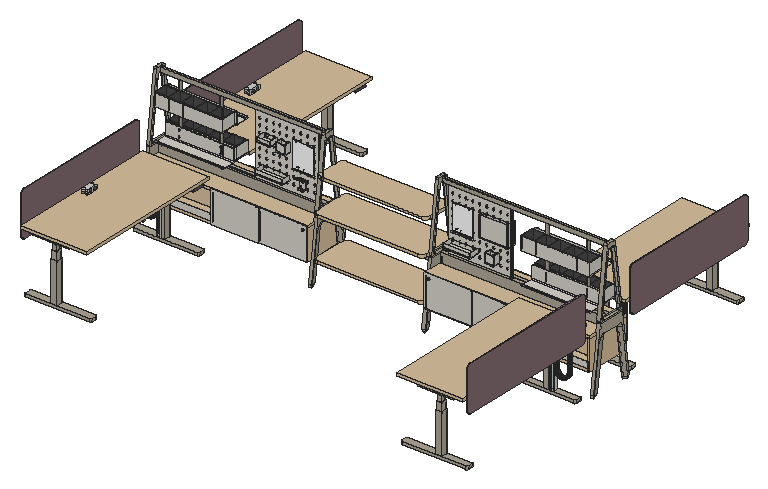
Revit family "Layout-Teknion-Expansion_Cityline_Upper_Structure_01-R2021", category Furniture Systems, Revit 2021 (continued)
Definition of nested family "Storage-Teknion-JZBSO_EZ_Suspended_Credenza_Lateral_File_And_Cubby_Shared-R2021"
  Dimensions and locks (in)
    locked: plane 10 to Sweep 5 sketch curve at 0.70079
    plane 6 "Back" to Sweep 5 sketch curve to Sweep 5 sketch curve = 0.89764" locked, 0.87795" locked
    locked: plane 4 "Left" to Sweep 6 sketch curve at 0.70079
    locked: Sweep 6 sketch curve to plane 9 at 0.70079
    Sweep 6 sketch curve to Sweep 6 sketch curve to plane 1 "Center Front/Back" to Sweep 6 sketch curve to Sweep 6 sketch curve = 0.04724" locked, 9.95276" locked, 9.95276" locked, 0.04724" locked
    Sweep 6 sketch curve to Sweep 6 sketch curve to plane 11 = 3.000" locked, 1.01575" locked  (x2)
    locked: Sweep 7 sketch curve to plane 11 at 1.01575
    locked: Sweep 7 sketch curve to plane 5 "Right" at 0.70079
    locked: plane 4 "Left" to Sweep 7 sketch curve at 0.70079
    locked: plane 6 "Back" to Sweep 7 sketch curve at 0.89764
    locked: plane 7 "Front" to Sweep 7 sketch curve at 0.89764
    Sweep 7 sketch curve to Sweep 7 sketch curve to plane 9 = 6.20079" locked, 2.75787" locked
    plane 4 "Left" to Sweep 7 sketch curve to Sweep 7 sketch curve = 2.75787" locked, 6.20079" locked
    Sweep 7 sketch curve to plane 1 "Center Front/Back" to Sweep 7 sketch curve = 1.26969" locked, 1.26969" locked
    Sweep 8 sketch curve to Sweep 8 sketch curve to Sweep 8 sketch curve to Sweep 8 sketch curve to plane 1 "Center Front/Back" = 0.07874" locked, 0.02953" locked, 0.16618" locked, 1.1035" locked
    Sweep 8 sketch curve to Sweep 8 sketch curve to plane 1 "Center Front/Back" = 0.07874" locked, 1.29921" locked
    Sweep 8 sketch curve to Sweep 8 sketch curve to plane 11 to Sweep 8 sketch curve = 0.03937" locked, 1.01575" locked, 0.03937" locked
    Sweep 9 sketch curve to Sweep 9 sketch curve to Sweep 9 sketch curve to Sweep 9 sketch curve to plane 1 "Center Front/Back" = 0.07874" locked, 0.02953" locked, 0.16618" locked, 1.1035" locked
    Sweep 9 sketch curve to Sweep 9 sketch curve to plane 1 "Center Front/Back" = 0.07874" locked, 1.29921" locked
    Sweep 9 sketch curve to Sweep 9 sketch curve to plane 11 to Sweep 9 sketch curve = 0.03937" locked, 1.01575" locked, 0.03937" locked
    locked: plane 8 "Top" to Sweep 10 sketch curve at 0.05906
    locked: Sweep 10 sketch curve to plane 11 at 0.11811
    locked: plane 10 to Sweep 10 sketch curve at 0.40945  (x2)
    locked: Sweep 10 sketch curve to plane 9 at 0.64173  (x2)
    locked: plane 10 to Sweep 10 sketch curve at 0.29134  (x2)
    plane 7 "Front" to Sweep 10 sketch curve to Sweep 10 sketch curve = 0.05906" locked, 0.70079" locked
    plane 6 "Back" to Sweep 10 sketch curve to Sweep 10 sketch curve = 0.05906" locked, 0.70079" locked
    "Cut-Out - Solid Door": Sweep 11 sketch curve to Sweep 11 sketch curve
    plane 8 "Top" to Sweep 11 sketch curve to Sweep 11 sketch curve = 1.35118" locked, 1.08504" locked
    "Pull Distance - Side (Solid)": Sweep 11 sketch curve to plane 5 "Right"
    locked: Sweep 11 sketch curve to Sweep 11 sketch curve at 5.2126
    locked: Sweep 12 sketch curve to plane 6 "Back" at 0.875
    "Cut-Out - Solid Door": Sweep 12 sketch curve to Sweep 12 sketch curve
    locked: Sweep 12 sketch curve to Sweep 12 sketch curve at 5.2126
    Sweep 12 sketch curve to Sweep 12 sketch curve to plane 8 "Top" = 1.08504" locked, 1.35118" locked
    plane 7 "Front" to Sweep 13 sketch curve to Sweep 13 sketch curve = 0.01972" locked, 0.74012" locked
    locked: Sweep 13 sketch curve to Sweep 13 sketch curve at 5.2126
    "Pull Distance - Side (Solid)": Sweep 13 sketch curve to plane 5 "Right"
    plane 8 "Top" to Sweep 13 sketch curve to Sweep 13 sketch curve = 1.35118" locked, 1.08504" locked
    plane 7 "Front" to Sweep 14 sketch curve to Sweep 14 sketch curve = 0.01972" locked, 0.66142" locked
    locked: Sweep 14 sketch curve to Sweep 14 sketch curve at 5.2126
    "Pull Distance - Side (Solid)": Sweep 14 sketch curve to plane 5 "Right"
    plane 8 "Top" to Sweep 14 sketch curve to Sweep 14 sketch curve = 1.44764" locked, 0.89213" locked
    Sweep 15 sketch curve to Sweep 15 sketch curve to plane 6 "Back" = 0.74012" locked, 0.01972" locked
    locked: Sweep 15 sketch curve to Sweep 15 sketch curve at 5.2126
    Sweep 15 sketch curve to Sweep 15 sketch curve to plane 8 "Top" = 1.08504" locked, 1.35118" locked
    plane 6 "Back" to Sweep 16 sketch curve to Sweep 16 sketch curve = 0.01972" locked, 0.66142" locked
    locked: Sweep 16 sketch curve to Sweep 16 sketch curve at 5.2126
    Sweep 16 sketch curve to Sweep 16 sketch curve to plane 8 "Top" = 0.89213" locked, 1.44764" locked
    plane 7 "Front" to Sweep 17 sketch curve to Sweep 17 sketch curve = 0.64173" locked, 0.11811" locked
    locked: Sweep 17 sketch curve to plane 10 at 0.40945
    locked: Sweep 17 sketch curve to plane 11 at 0.11811
    locked: plane 8 "Top" to Sweep 17 sketch curve at 0.05906
    locked: plane 9 to Sweep 17 sketch curve at 0.64173
    locked: Sweep 17 sketch curve to plane 10 at 0.29134
    locked: Sweep 18 sketch curve to plane 7 "Front" at 0.57667
    "Cut-Out - Metal Door": Sweep 18 sketch curve to Sweep 18 sketch curve
    locked: Sweep 18 sketch curve to Sweep 18 sketch curve at 5.19685
    plane 8 "Top" to Sweep 18 sketch curve to Sweep 18 sketch curve = 1.40157" locked, 0.98425" locked
    "Pull Distance - Side (Metal)": Sweep 18 sketch curve to plane 5 "Right"
    plane 6 "Back" to Sweep 19 sketch curve to Sweep 19 sketch curve = 0.64173" locked, 0.11811" locked
    locked: Sweep 19 sketch curve to plane 8 "Top" at 0.05906
    locked: plane 11 to Sweep 19 sketch curve at 0.11811
    locked: plane 9 to Sweep 19 sketch curve at 0.64173
    locked: Sweep 19 sketch curve to plane 10 at 0.29134
    locked: Sweep 19 sketch curve to plane 10 at 0.40945
    "Cut-Out - Metal Door": Sweep 20 sketch curve to Sweep 20 sketch curve
    locked: Sweep 20 sketch curve to Sweep 20 sketch curve at 5.19685
    Sweep 20 sketch curve to Sweep 20 sketch curve to plane 8 "Top" = 0.98425" locked, 1.40157" locked
    plane 7 "Front" to Sweep 21 sketch curve to Sweep 21 sketch curve = 0.75984" locked, 0.74016" locked
    locked: Sweep 21 sketch curve to Sweep 21 sketch curve at 5.19685
    "Pull Distance - Side (Metal)": Sweep 21 sketch curve to plane 5 "Right"
    plane 8 "Top" to Sweep 21 sketch curve to Sweep 21 sketch curve = 1.30512" locked, 1.17717" locked
    plane 7 "Front" to Sweep 22 sketch curve to Sweep 22 sketch curve = 0.64173" locked, 0.77953" locked
    plane 8 "Top" to Sweep 22 sketch curve to Sweep 22 sketch curve = 1.40157" locked, 0.98425" locked
    locked: Sweep 22 sketch curve to Sweep 22 sketch curve at 5.19685
    "Pull Distance - Side (Metal)": Sweep 22 sketch curve to plane 5 "Right"
    Sweep 23 sketch curve to Sweep 23 sketch curve to plane 6 "Back" = 0.74016" locked, 0.75984" locked
    locked: Sweep 23 sketch curve to Sweep 23 sketch curve at 5.19685
    Sweep 23 sketch curve to Sweep 23 sketch curve to plane 8 "Top" = 1.17717" locked, 1.30512" locked
    Sweep 24 sketch curve to Sweep 24 sketch curve to plane 6 "Back" = 0.77953" locked, 0.64173" locked
    locked: Sweep 24 sketch curve to Sweep 24 sketch curve at 5.19685
    Sweep 24 sketch curve to Sweep 24 sketch curve to plane 8 "Top" = 0.98425" locked, 1.40157" locked
    Sweep 25 sketch curve to Sweep 25 sketch curve to plane 6 "Back" = 0.05906" locked, 0.58268" locked
    Sweep 25 sketch curve to Sweep 25 sketch curve to plane 9 = 0.09843" locked, 1.15945" locked
    plane 8 "Top" to Sweep 25 sketch curve to Sweep 25 sketch curve = 1.91929", 0.37402"
    locked: Sweep 25 sketch curve to plane 9 at 1.20866
    locked: Sweep 25 sketch curve to plane 8 "Top" at 2.1063
    plane 7 "Front" to Sweep 26 sketch curve to Sweep 26 sketch curve = 0.58268" locked, 0.05906" locked
    Sweep 26 sketch curve to Sweep 26 sketch curve to plane 5 "Right" = 0.09843" locked, 1.80119" locked
    plane 8 "Top" to Sweep 26 sketch curve to Sweep 26 sketch curve = 1.91929" locked, 0.37402" locked
    locked: plane 8 "Top" to Sweep 26 sketch curve at 2.1063
    locked: Sweep 26 sketch curve to plane 5 "Right" at 1.8504
    locked: Sweep 20 sketch curve to plane 6 "Back" at 0.43874
    locked: plane 7 "Front" to Sweep 27 sketch curve at 0.05906
    Sweep 27 sketch curve to Sweep 27 sketch curve to plane 5 "Right" = 0.09843" locked, 1.80119" locked
    plane 8 "Top" to Sweep 27 sketch curve to Sweep 27 sketch curve = 1.91929" locked, 0.37402" locked
    locked: plane 8 "Top" to Sweep 27 sketch curve at 2.1063
    locked: Sweep 27 sketch curve to plane 5 "Right" at 1.8504
    locked: plane 6 "Back" to Sweep 28 sketch curve at 0.05906
    Sweep 28 sketch curve to Sweep 28 sketch curve to plane 9 = 0.09843" locked, 1.15945" locked
    plane 8 "Top" to Sweep 28 sketch curve to Sweep 28 sketch curve = 1.91929" locked, 0.37402" locked
    locked: Sweep 28 sketch curve to plane 8 "Top" at 2.1063
    locked: Sweep 28 sketch curve to plane 9 at 1.20866
    locked: Sweep 11 sketch curve to plane 7 "Front" at 1.01698
    "Pull Distance - Middle (Solid)": Sweep 16 sketch curve to plane 9
    "Pull Distance - Middle (Metal)": Sweep 23 sketch curve to plane 9
    "Pull Distance - Middle (Metal)": Sweep 20 sketch curve to plane 9
    "Pull Distance - Middle (Solid)": Sweep 15 sketch curve to plane 9
    "Pull Distance - Middle (Solid)": Sweep 12 sketch curve to plane 9
    "Pull Distance - Middle (Metal)": Sweep 24 sketch curve to plane 9
    aligned and locked: level to plane 2
    aligned and locked: plane 11 to Sweep 1 sketch curve
    aligned and locked: Sweep 1 sketch curve to plane 3 "Center Left/Right"
    aligned and locked: plane 4 "Left" to Sweep 1 sketch curve
    aligned and locked: Sweep 1 sketch curve to plane 5 "Right"
    aligned and locked: Sweep 1 sketch curve to Sweep 1 sketch curve  (x2)
    aligned and locked: plane 4 "Left" to Sweep 2 sketch curve
    aligned and locked: plane 5 "Right" to Sweep 2 sketch curve
    aligned and locked: plane 1 "Center Front/Back" to Sweep 2 sketch curve
    aligned and locked: Sweep 2 sketch curve to Sweep 2 sketch curve
    aligned and locked: Sweep 2 sketch curve to plane 8 "Top"  (x2)
    aligned and locked: Sweep 3 sketch curve to plane 3 "Center Left/Right"
    aligned and locked: Sweep 3 sketch curve to plane 9
    aligned and locked: plane 10 to Sweep 3 sketch curve
    aligned and locked: Sweep 3 sketch curve to Sweep 3 sketch curve  (x2)
    aligned and locked: Sweep 4 sketch curve to plane 3 "Center Left/Right"
    aligned and locked: Sweep 4 sketch curve to Sweep 4 sketch curve  (x2)
    aligned and locked: Sweep 5 sketch curve to plane 3 "Center Left/Right"
    aligned and locked: Sweep 5 sketch curve to plane 10
    aligned and locked: plane 9 to Sweep 5 sketch curve
    aligned and locked: plane 1 "Center Front/Back" to Sweep 6 sketch curve
    aligned and locked: plane 11 to Sweep 7 sketch curve
    aligned and locked: Sweep 7 sketch curve to plane 3 "Center Left/Right"
    aligned and locked: Sweep 7 sketch curve to Sweep 7 sketch curve  (x2)
    aligned and locked: Sweep 8 sketch curve to Sweep 7  (x4)
    aligned and locked: plane 11 to Sweep 8 sketch curve
    aligned and locked: Sweep 9 sketch curve to Sweep 7  (x4)
    aligned and locked: plane 11 to Sweep 9 sketch curve
    aligned and locked: plane 3 "Center Left/Right" to Sweep 10 sketch curve
    aligned and locked: Sweep 10 sketch curve to Sweep 10 sketch curve  (x4)
    aligned and locked: plane 5 "Right" to Sweep 10 sketch curve  (x2)
    aligned and locked: Sweep 11 sketch curve to plane 3 "Center Left/Right"
    aligned and locked: Sweep 12 sketch curve to plane 3 "Center Left/Right"
    aligned and locked: plane 3 "Center Left/Right" to Sweep 13 sketch curve
    aligned and locked: plane 3 "Center Left/Right" to Sweep 14 sketch curve
    aligned and locked: Sweep 15 sketch curve to plane 3 "Center Left/Right"
    aligned and locked: plane 3 "Center Left/Right" to Sweep 16 sketch curve
    aligned and locked: Sweep 17 sketch curve to plane 3 "Center Left/Right"
    aligned and locked: Sweep 17 sketch curve to plane 5 "Right"
    aligned and locked: Sweep 17 sketch curve to Sweep 17 sketch curve  (x2)
    aligned and locked: Sweep 18 sketch curve to plane 3 "Center Left/Right"
    aligned and locked: Sweep 19 sketch curve to plane 3 "Center Left/Right"
    aligned and locked: Sweep 19 sketch curve to plane 5 "Right"
    aligned and locked: Sweep 19 sketch curve to Sweep 19 sketch curve  (x2)
    aligned and locked: Sweep 20 sketch curve to plane 3 "Center Left/Right"
    aligned and locked: Sweep 21 sketch curve to plane 3 "Center Left/Right"
    aligned and locked: Sweep 22 sketch curve to plane 3 "Center Left/Right"
    aligned and locked: Sweep 23 sketch curve to plane 3 "Center Left/Right"
    aligned and locked: Sweep 24 sketch curve to plane 3 "Center Left/Right"
    aligned and locked: Sweep 25 sketch curve to plane 3 "Center Left/Right"
    aligned and locked: plane 3 "Center Left/Right" to Sweep 26 sketch curve
    aligned and locked: Sweep 27 sketch curve to plane 3 "Center Left/Right"
    aligned and locked: plane 7 "Front" to Sweep 27 sketch curve
    aligned and locked: Sweep 28 sketch curve to plane 3 "Center Left/Right"
    aligned and locked: plane 6 "Back" to Sweep 28 sketch curve
    aligned and locked: Masking region 1 sketch curve to Sweep 2  (x3)
    aligned and locked: Masking region 1 sketch curve to Sweep 1
    aligned and locked: Masking region 1 sketch curve to Sweep 8  (x4)
    aligned and locked: Masking region 1 sketch curve to Sweep 9  (x4)
    aligned and locked: curve 1 to Sweep 2
    aligned and locked: curve 2 to Sweep 2
    aligned and locked: curve 4 to Sweep 8
    aligned and locked: curve 6 to Sweep 8
    aligned and locked: curve 8 to Sweep 8
    aligned and locked: curve 10 to Sweep 8
    aligned and locked: curve 12 to Sweep 9
    aligned and locked: curve 14 to Sweep 9
    aligned and locked: curve 16 to Sweep 9
    aligned and locked: curve 18 to Sweep 9
    aligned and locked: curve 19 to Sweep 1
    aligned and locked: Sweep 3 to curve 20
    aligned and locked: curve 21 to Sweep 3
    aligned and locked: curve 23 to Sweep 3
    aligned and locked: Sweep 3 to curve 24
    aligned and locked: Sweep 1 to curve 22
    aligned and locked: curve 25 to Sweep 4
    aligned and locked: curve 26 to Sweep 1
    aligned and locked: Sweep 1 to curve 27
    aligned and locked: Sweep 2 to curve 31
    aligned and locked: Sweep 3 to curve 30
    aligned and locked: curve 31 to Sweep 3
    aligned and locked: Sweep 2 to curve 29
    aligned and locked: Sweep 3 to curve 28
    aligned and locked: curve 29 to Sweep 3
    aligned and locked: curve 32 to Sweep 4
    aligned and locked: curve 34 to Sweep 6
    aligned and locked: curve 33 to Sweep 6
    aligned and locked: curve 35 to Sweep 5
    aligned and locked: curve 36 to Sweep 5
    aligned and locked: curve 38 to Sweep 3
    aligned and locked: curve 40 to Sweep 3
    aligned and locked: curve 39 to Sweep 3
    aligned and locked: Sweep 3 to curve 37
    aligned and locked: curve 41 to Sweep 1
    aligned and locked: Sweep 1 to curve 42
    aligned and locked: curve 44 to Sweep 7
    aligned and locked: curve 46 to Sweep 7
    aligned and locked: curve 48 to Sweep 7
    aligned and locked: curve 50 to Sweep 7
    aligned and locked: curve 52 to Sweep 7
    aligned and locked: curve 54 to Sweep 7
    aligned and locked: curve 56 to Sweep 7
    aligned and locked: curve 58 to Sweep 7
    aligned and locked: Masking region 2 sketch curve to cut or joined group of Sweep 17, Sweep 18  (x6)
    aligned and locked: cut or joined group of Sweep 17, Sweep 18 to Masking region 2 sketch curve  (x3)
    aligned and locked: Masking region 2 sketch curve to Sweep 26  (x3)
    aligned and locked: Masking region 2 sketch curve to cut or joined group of Sweep 19, Sweep 20  (x6)
    aligned and locked: cut or joined group of Sweep 19, Sweep 20 to Masking region 2 sketch curve  (x3)
    aligned and locked: Masking region 2 sketch curve to Sweep 25  (x3)
    aligned and locked: cut or joined group of Sweep 19, Sweep 20 to curve 59
    aligned and locked: curve 60 to cut or joined group of Sweep 17, Sweep 18
    aligned and locked: curve 61 to Sweep 26
    aligned and locked: curve 62 to Sweep 26
    aligned and locked: curve 63 to Sweep 25
    aligned and locked: curve 64 to Sweep 25
    aligned and locked: Masking region 3 sketch curve to cut or joined group of Sweep 17, Sweep 18
    aligned and locked: Sweep 2 to Masking region 3 sketch curve  (x2)
    aligned and locked: cut or joined group of Sweep 21, Sweep 22 to Masking region 3 sketch curve
    aligned and locked: Masking region 3 sketch curve to cut or joined group of Sweep 21, Sweep 22
    aligned and locked: cut or joined group of Sweep 19, Sweep 20 to Masking region 3 sketch curve
    aligned and locked: cut or joined group of Sweep 23, Sweep 24 to Masking region 3 sketch curve
    aligned and locked: Masking region 3 sketch curve to cut or joined group of Sweep 23, Sweep 24
    aligned and locked: cut or joined group of Sweep 23, Sweep 24 to curve 67
    aligned and locked: curve 65 to cut or joined group of Sweep 23, Sweep 24
    aligned and locked: curve 66 to cut or joined group of Sweep 23, Sweep 24
    aligned and locked: curve 72 to cut or joined group of Sweep 23, Sweep 24
    aligned and locked: curve 70 to cut or joined group of Sweep 23, Sweep 24
    aligned and locked: curve 71 to cut or joined group of Sweep 23, Sweep 24
    aligned and locked: curve 75 to cut or joined group of Sweep 21, Sweep 22
    aligned and locked: curve 73 to cut or joined group of Sweep 21, Sweep 22
    aligned and locked: curve 74 to cut or joined group of Sweep 21, Sweep 22
    aligned and locked: cut or joined group of Sweep 21, Sweep 22 to curve 80
    aligned and locked: curve 79 to cut or joined group of Sweep 21, Sweep 22
    aligned and locked: Masking region 4 sketch curve to cut or joined group of Sweep 10, Sweep 11, Sweep 12  (x18)
    aligned and locked: Masking region 4 sketch curve to Sweep 27  (x3)
    aligned and locked: Masking region 4 sketch curve to Sweep 28  (x3)
    aligned and locked: curve 81 to Sweep 28
    aligned and locked: curve 82 to Sweep 28
    aligned and locked: curve 83 to Sweep 27
    aligned and locked: curve 84 to Sweep 27
    aligned and locked: curve 85 to cut or joined group of Sweep 10, Sweep 11, Sweep 12
    aligned and locked: curve 86 to cut or joined group of Sweep 10, Sweep 11, Sweep 12
    aligned and locked: cut or joined group of Sweep 10, Sweep 11, Sweep 12 to Masking region 5 sketch curve  (x2)
    aligned and locked: Masking region 5 sketch curve to cut or joined group of Sweep 13, Sweep 14  (x3)
    aligned and locked: Masking region 5 sketch curve to cut or joined group of Sweep 15, Sweep 16  (x3)
    aligned and locked: curve 88 to cut or joined group of Sweep 15, Sweep 16
    aligned and locked: curve 87 to cut or joined group of Sweep 15, Sweep 16
    aligned and locked: curve 89 to cut or joined group of Sweep 15, Sweep 16
    aligned and locked: cut or joined group of Sweep 15, Sweep 16 to curve 91
    aligned and locked: curve 90 to cut or joined group of Sweep 15, Sweep 16
    aligned and locked: cut or joined group of Sweep 13, Sweep 14 to curve 94
    aligned and locked: curve 92 to cut or joined group of Sweep 13, Sweep 14
    aligned and locked: curve 93 to cut or joined group of Sweep 13, Sweep 14
    aligned and locked: curve 96 to cut or joined group of Sweep 13, Sweep 14
    aligned and locked: curve 95 to cut or joined group of Sweep 13, Sweep 14
    aligned and locked: curve 97 to plane 6 "Back"
    aligned and locked: curve 98 to plane 7 "Front"
    aligned and locked: curve 99 to plane 4 "Left"
    aligned and locked: curve 100 to plane 5 "Right"
    aligned and locked: plane 1 "Center Front/Back" to nested 2
    aligned and locked: nested 1 to plane 1 "Center Front/Back"
    aligned and locked: plane 4 "Left" to nested 1
    aligned and locked: nested 2 to plane 5 "Right"
  Automatic sketch dimensions
    Sweep 7 sketch curve to Sweep 7 sketch curve = 0.3937"  (x6)
    plane 1 "Center Front/Back" to Sweep 7 sketch curve = 0.87598"
    Sweep 7 sketch curve to Sweep 7 sketch curve = 0.000"
    Sweep 11 sketch curve to Sweep 11 sketch curve = 0.000"  (x4)
    Sweep 12 sketch curve to Sweep 12 sketch curve = 0.000"  (x4)
    Sweep 13 sketch curve to Sweep 13 sketch curve = 0.000"  (x5)
    Sweep 14 sketch curve to Sweep 14 sketch curve = 0.000"  (x4)
    Sweep 15 sketch curve to Sweep 15 sketch curve = 0.000"  (x4)
    Sweep 16 sketch curve to Sweep 16 sketch curve = 0.000"  (x4)
    Sweep 17 sketch curve to Sweep 17 sketch curve = 0.250"  (x5)
    Sweep 17 sketch curve to Sweep 17 sketch curve = 0.000"  (x3)
    Sweep 19 sketch curve to Sweep 19 sketch curve = 0.250"  (x5)
    Sweep 19 sketch curve to Sweep 19 sketch curve = 0.000"  (x3)
    Sweep 20 sketch curve to Sweep 20 sketch curve = 0.000"  (x4)
    Sweep 18 sketch curve to Sweep 18 sketch curve = 0.000"  (x4)
    Sweep 21 sketch curve to Sweep 21 sketch curve = 0.000"  (x4)
    Sweep 22 sketch curve to Sweep 22 sketch curve = 0.000"  (x4)
    Sweep 23 sketch curve to Sweep 23 sketch curve = 0.000"  (x4)
    Sweep 24 sketch curve to Sweep 24 sketch curve = 0.000"  (x4)
    Sweep 25 sketch curve to Sweep 25 sketch curve = 0.34449"
    Sweep 25 sketch curve to Sweep 25 sketch curve = 0.18701"  (x2)
    Sweep 26 sketch curve to Sweep 26 sketch curve = 0.34449"
    Sweep 26 sketch curve to Sweep 26 sketch curve = 0.18701"  (x2)
    Sweep 27 sketch curve to Sweep 27 sketch curve = 0.34449"
    Sweep 27 sketch curve to Sweep 27 sketch curve = 0.18701"  (x2)
    Sweep 28 sketch curve to Sweep 28 sketch curve = 0.34449"
    Sweep 28 sketch curve to Sweep 28 sketch curve = 0.18701"  (x2)
    Masking region 4 sketch curve to plane 9 = 0.64173"
    curve 2 to plane 4 "Left" = 0.000"
    curve 1 to plane 4 "Left" = 0.000"
    curve 1 to plane 5 "Right" = 0.000"
    curve 85 to plane 5 "Right" = 0.000"
    curve 2 to plane 5 "Right" = 0.000"
    plane 7 "Front" to curve 83 = 0.000"
    plane 7 "Front" to curve 84 = 0.000"
    curve 81 to plane 6 "Back" = 0.000"
    curve 82 to plane 6 "Back" = 0.000"
    curve 76 to curve 92 = 0.03831"
    curve 93 to curve 80 = 0.0787"
    curve 92 to curve 76 = 0.0787"
    curve 67 to curve 90 = 0.0787"
    curve 68 to curve 89 = 0.0787"
    curve 86 to plane 9 = 0.64173"
    curve 59 to plane 9 = 0.39173"
    plane 10 to curve 59 = 0.04134"
    plane 10 to curve 86 = 0.29134"
    plane 10 to curve 85 = 0.40945"
    curve 60 to curve 38 = 0.04134"
    plane 5 "Right" to curve 60 = 0.250"
    curve 94 to plane 7 "Front" = 0.01972"
    curve 92 to plane 7 "Front" = 0.01972"
    curve 62 to curve 62 = 0.05906"
    curve 61 to curve 61 = 0.05906"
    curve 95 to curve 76 = 0.000"
    curve 77 to curve 96 = 0.000"
    curve 60 to curve 38 = 0.25591"
    curve 37 to curve 38 = 0.000"
    curve 76 to curve 73 = 0.1378"
    curve 77 to curve 75 = 0.1378"
    curve 60 to curve 42 = 0.25591"
    curve 70 to curve 65 = 0.1378"
    curve 36 to curve 41 = 0.87795"
    curve 40 to curve 59 = 0.25591"
    curve 39 to curve 59 = 0.25591"
    curve 72 to curve 67 = 0.1378"
    curve 67 to curve 88 = 0.000"
    curve 87 to curve 65 = 0.000"
    curve 63 to curve 63 = 0.05906"
    curve 64 to curve 64 = 0.05906"
    curve 91 to plane 6 "Back" = 0.01972"
    curve 89 to plane 6 "Back" = 0.01972"
  Nested families (in)
    nested 1: "Teknion_2D_Node_Family-R2016" at (-84, 0, 0), type "Teknion_2D_Node_Family-R2016"
    nested 2: "Teknion_2D_Node_Family-R2016" at (0, 0, 0), type "Teknion_2D_Node_Family-R2016"
  Definition of nested family "Teknion_2D_Node_Family-R2016"
    Reference planes (in)
      plane 1 "Center (Front/Back)": y = 0
      plane 2: z = 0
      plane 3 "Center (Left/Right)": x = 0
    Lines and regions (in)
      detail lines, in view "Ref. Level"
        curve 1: circle (0, 0, 0) r 1.25 normal (0, 0, 1)
        curve 2: line (1.91508, -1.91508, 0) -> (-1.91508, 1.91508, 0)
        curve 3: line (-1.91508, -1.91508, 0) -> (1.91508, 1.91508, 0)
Definition of nested family "Accessories-Teknion-JZTMA_Lift_And_Drop_Tile_Metal_Accessory-R2021"
  Parameters (values of type "Low Height (18" Beam Height), 56 (35") Datum Height")
    Width [instance] = 34.000"
    Warranty = "http://www.teknion.com/ca/papers/legal-canada"
    Unit Weight URL = "http://www.teknion.com/ca/tools/assets#&asset=bee6a381-b954-425e-8283-5a2de3a804f2,f828d448-4b62-4231-9e5f-9a8991c0ed77"
    URL = "www.teknion.com"
    To render please download texture images found here [instance] = "https://assets.teknion.com/web/5e81352c1dfdb467/revit-material-swatches/"
    Sustainability Data = "https://www.teknion.com/ca/tools/assets#&topic=216f99a5-57a0-44fc-b10a-9dee9b29ae4c&asset=444deb64-fe58-4b68-981e-f75e97781df7,b4ff2d81-9f2e-437d-9659-7cffb09c31cf"
    Square [instance] = no
    Series = "Expansion Cityline"  # constant formula
    Product Page URL = "https://www.teknion.com/ca/products/product-details?productLineId=9ad2a26e-8e7a-673b-a6c8-ff05004460c4"
    Product Line = "EZ Lift & Drop Tiles And Shelves"  # constant formula
    Product Documentation Link = "https://www.teknion.com/pricing/expansion-cityline/pdfs/JZTMA_ppg.pdf"
    Plus [instance] = not(Square)  # yes
    Pattern Option [instance] = "Select Pattern option. Square option is default."  # constant formula
    Part Number = "JZTMA"  # constant formula
    Outer Metal Finish [instance] = none
    Model = "JZTMAL56___"
    Manufacturer Phone = "416-661-3370"  # constant formula
    Manufacturer Fax = "416.661.4586"  # constant formula
    Manufacturer Contact Information = "http://www.teknion.com/ca/contactus"
    Manufacturer Address = "1150 Flint Road, Toronto, ON. M3J 2J5. Canada"  # constant formula
    Manufacturer = "Teknion"  # constant formula
    Inset Metal Finish [instance] = none
    How To Use Teknion Materials User Guide [instance] = "https://assets.teknion.com/m/205dd0a49fa58060/original/How-to-add-a-Material-Library-and-Texture-Images-to-your-Revit-project.pdf"
    For Additional Finishes please visit [instance] = "https://assets.teknion.com/m/44a8009b046e5d47/original/Teknion_Materials_Library.zip"
    Description = "Lift And Drop Tile - Metal Accessory - Low Height (18\" Beam Height), 56 (35\") Datum Height"
    Default Elevation = 0.000"
    Datum Height = 35.000"
    Cut-Out - Square (57) [instance] = if(Square, 2.000", 0.100")  # 0.100"
    Cut-Out - Square (56 & 66) [instance] = if((and(Square, Datum Height > 34.000")), 2.000", 0.100")  # 0.100"
    Cut-Out - Plus (56 & 66) [instance] = if((and(Plus, Datum Height > 34.000")), 2.500", 0.100")  # 2.500"
    Cut-Out - Plus (57) [instance] = if(Plus, 2.500", 0.100")  # 2.500"
    Beam Height = 17.60612"
    Availabe Width [instance] = "28, 34 & 40 Inch"  # constant formula
    Assembly Code = "E2020200"
    Actual Datum Height = Datum Height + 1.319"  # 36.319"
    2D - Square - Width 40" [instance] = and(Square, Width = 40.000")  # no
    2D - Square - Width 34" [instance] = and(Square, (or(Width = 34.000", Width = 40.000")))  # no
    2D - Plus - Width 40" [instance] = and(Plus, Width = 40.000")  # no
    2D - Plus - Width 34" [instance] = and(Plus, (or(Width = 34.000", Width = 40.000")))  # yes
  Types (4): name | Width | Square | Plus | Model | Description | Datum Height | Cut-Out - Square (57) | Cut-Out - Square (56 & 66) | Cut-Out - Plus (56 & 66) | Cut-Out - Plus (57) | Beam Height | Actual Datum Height | 2D - Square - Width 40" | 2D - Square - Width 34" | 2D - Plus - Width 34"
    (no name) | 34.000" | no | yes | "JZTMAL56___" | "Lift And Drop Tile - Metal Accessory - Low Height (18\" Beam Height), 56 (35\") Datum Height" | 35.000" | 0.100" | 0.100" | 2.500" | 2.500" | 17.60612" | 36.319" | no | no | yes
    Low Height (18" Beam Height), 56 (35") Datum Height | 34.000" | no | yes | "JZTMAL56___" | "Lift And Drop Tile - Metal Accessory - Low Height (18\" Beam Height), 56 (35\") Datum Height" | 35.000" | 0.100" | 0.100" | 2.500" | 2.500" | 17.60612" | 36.319" | no | no | yes
    Standard Height (28" Beam Height), 57 (26") Datum Height | 28.000" | yes | no | "JZTMAC57___" | "Lift And Drop Tile - Metal Accessory - Standard Height (28\" Beam Height), 57 (26\") Datum Height" | 26.000" | 2.000" | 0.100" | 0.100" | 0.100" | 27.791" | 27.319" | no | no | no
    Standard Height (28" Beam Height), 66 (35") Datum Height | 40.000" | yes | no | "JZTMAC66___" | "Lift And Drop Tile - Metal Accessory - Standard Height (28\" Beam Height), 66 (35\") Datum Height" | 35.000" | 2.000" | 2.000" | 0.100" | 0.100" | 27.791" | 36.319" | yes | yes | no
  Reference planes (in)
    plane 1 "Center Front/Back": y = 0
    plane 2: z = 0
    plane 3 "Center Left/Right": x = 21
    plane 4 "Left": x = 4
    plane 5 "Right": x = 38
    plane 6 "Back": y = 0.22638
    plane 7 "Front": y = -0.22638
    plane 8 "Top": z = 53.92512
    plane 9: z = 17.60612
    plane 10: x = 39.58071
    plane 11: x = 38.41929
    plane 12: x = 36.58071
    plane 13: x = 35.41929
    plane 14: x = 33.58071
    plane 15: x = 32.41929
    plane 16: x = 30.58071
    plane 17: x = 29.41929
    plane 18: x = 27.58071
    plane 19: x = 26.41929
    plane 20: x = 24.58071
    plane 21: x = 23.41929
    plane 22: x = 21.58071
    plane 23: x = 20.41929
    plane 24: x = 18.58071
    plane 25: x = 17.41929
    plane 26: x = 15.58071
    plane 27: x = 14.41929
    plane 28: x = 12.58071
    plane 29: x = 11.41929
    plane 30: x = 9.58071
    plane 31: x = 8.41929
    plane 32: x = 6.58071
    plane 33: x = 5.41929
    plane 34: x = 3.58071
    plane 35: x = 2.41929
  Forms (in)
    Sweep 1, solid, material <- "Outer Metal Finish"
      path origin (0, 0, 0) x (1, 0, 0) y (0, 0, 1)
        loop
          line (21, 17.60612) -> (21, 53.92512)
      profile origin (21, 0, 35.76562) x (-1, 0, 0) y (0, -1, 0)
        loop
          arc (16.8622, -0.22638) -> (16.95964, -0.18602) -> (17, -0.08858) r 0.1378
          arc (17, -0.08858) -> (16.97405, -0.02595) -> (16.91142, 0) r 0.08858
          arc (16.91142, 0) -> (16.97405, 0.02595) -> (17, 0.08858) r 0.08858
          arc (17, 0.08858) -> (16.95964, 0.18602) -> (16.8622, 0.22638) r 0.1378
          line (16.8622, 0.22638) -> (-16.8622, 0.22638)
          arc (-16.8622, 0.22638) -> (-16.95964, 0.18602) -> (-17, 0.08858) r 0.1378
          arc (-17, 0.08858) -> (-16.97405, 0.02595) -> (-16.91142, 0) r 0.08858
          arc (-16.91142, 0) -> (-16.97405, -0.02595) -> (-17, -0.08858) r 0.08858
          arc (-17, -0.08858) -> (-16.95964, -0.18602) -> (-16.8622, -0.22638) r 0.1378
          line (-16.8622, -0.22638) -> (16.8622, -0.22638)
    Sweep 2, void
      path origin (0, 0, 0) x (1, 0, 0) y (0, 1, 0)
        loop
          line (21, -1.12638) -> (21, -1.22638)
      profile origin (21, -1.17638, 0) x (1, 0, 0) y (0, 0, 1)
        loop
          line (-18.375, 20.58559) -> (-17.625, 20.58559) -> (-17.625, 21.33559) -> (-18.375, 21.33559) -> (-18.375, 20.58559)
        loop
          line (-15.375, 20.58559) -> (-14.625, 20.58559) -> (-14.625, 21.33559) -> (-15.375, 21.33559) -> (-15.375, 20.58559)
        loop
          line (-12.375, 20.58559) -> (-11.625, 20.58559) -> (-11.625, 21.33559) -> (-12.375, 21.33559) -> (-12.375, 20.58559)
        loop
          line (-9.375, 20.58559) -> (-8.625, 20.58559) -> (-8.625, 21.33559) -> (-9.375, 21.33559) -> (-9.375, 20.58559)
        loop
          line (-6.375, 20.58559) -> (-5.625, 20.58559) -> (-5.625, 21.33559) -> (-6.375, 21.33559) -> (-6.375, 20.58559)
        loop
          line (-3.375, 20.58559) -> (-2.625, 20.58559) -> (-2.625, 21.33559) -> (-3.375, 21.33559) -> (-3.375, 20.58559)
        loop
          line (-0.375, 20.58559) -> (0.375, 20.58559) -> (0.375, 21.33559) -> (-0.375, 21.33559) -> (-0.375, 20.58559)
        loop
          line (2.625, 20.58559) -> (3.375, 20.58559) -> (3.375, 21.33559) -> (2.625, 21.33559) -> (2.625, 20.58559)
        loop
          line (5.625, 20.58559) -> (6.375, 20.58559) -> (6.375, 21.33559) -> (5.625, 21.33559) -> (5.625, 20.58559)
        loop
          line (8.625, 20.58559) -> (9.375, 20.58559) -> (9.375, 21.33559) -> (8.625, 21.33559) -> (8.625, 20.58559)
        loop
          line (11.625, 20.58559) -> (12.375, 20.58559) -> (12.375, 21.33559) -> (11.625, 21.33559) -> (11.625, 20.58559)
        loop
          line (14.625, 20.58559) -> (15.375, 20.58559) -> (15.375, 21.33559) -> (14.625, 21.33559) -> (14.625, 20.58559)
        loop
          line (17.625, 20.58559) -> (18.375, 20.58559) -> (18.375, 21.33559) -> (17.625, 21.33559) -> (17.625, 20.58559)
        loop
          line (-18.375, 23.58559) -> (-17.625, 23.58559) -> (-17.625, 24.33559) -> (-18.375, 24.33559) -> (-18.375, 23.58559)
        loop
          line (-15.375, 23.58559) -> (-14.625, 23.58559) -> (-14.625, 24.33559) -> (-15.375, 24.33559) -> (-15.375, 23.58559)
        loop
          line (-12.375, 23.58559) -> (-11.625, 23.58559) -> (-11.625, 24.33559) -> (-12.375, 24.33559) -> (-12.375, 23.58559)
        loop
          line (-9.375, 23.58559) -> (-8.625, 23.58559) -> (-8.625, 24.33559) -> (-9.375, 24.33559) -> (-9.375, 23.58559)
        loop
          line (-6.375, 23.58559) -> (-5.625, 23.58559) -> (-5.625, 24.33559) -> (-6.375, 24.33559) -> (-6.375, 23.58559)
        loop
          line (-3.375, 23.58559) -> (-2.625, 23.58559) -> (-2.625, 24.33559) -> (-3.375, 24.33559) -> (-3.375, 23.58559)
        loop
          line (-0.375, 23.58559) -> (0.375, 23.58559) -> (0.375, 24.33559) -> (-0.375, 24.33559) -> (-0.375, 23.58559)
        loop
          line (2.625, 23.58559) -> (3.375, 23.58559) -> (3.375, 24.33559) -> (2.625, 24.33559) -> (2.625, 23.58559)
        loop
          line (5.625, 23.58559) -> (6.375, 23.58559) -> (6.375, 24.33559) -> (5.625, 24.33559) -> (5.625, 23.58559)
        loop
          line (8.625, 23.58559) -> (9.375, 23.58559) -> (9.375, 24.33559) -> (8.625, 24.33559) -> (8.625, 23.58559)
        loop
          line (11.625, 23.58559) -> (12.375, 23.58559) -> (12.375, 24.33559) -> (11.625, 24.33559) -> (11.625, 23.58559)
        loop
          line (14.625, 23.58559) -> (15.375, 23.58559) -> (15.375, 24.33559) -> (14.625, 24.33559) -> (14.625, 23.58559)
        loop
          line (17.625, 23.58559) -> (18.375, 23.58559) -> (18.375, 24.33559) -> (17.625, 24.33559) -> (17.625, 23.58559)
        loop
          line (-18.375, 26.58559) -> (-17.625, 26.58559) -> (-17.625, 27.33559) -> (-18.375, 27.33559) -> (-18.375, 26.58559)
        loop
          line (-15.375, 26.58559) -> (-14.625, 26.58559) -> (-14.625, 27.33559) -> (-15.375, 27.33559) -> (-15.375, 26.58559)
        loop
          line (-12.375, 26.58559) -> (-11.625, 26.58559) -> (-11.625, 27.33559) -> (-12.375, 27.33559) -> (-12.375, 26.58559)
        loop
          line (-9.375, 26.58559) -> (-8.625, 26.58559) -> (-8.625, 27.33559) -> (-9.375, 27.33559) -> (-9.375, 26.58559)
        loop
          line (-6.375, 26.58559) -> (-5.625, 26.58559) -> (-5.625, 27.33559) -> (-6.375, 27.33559) -> (-6.375, 26.58559)
        loop
          line (-3.375, 26.58559) -> (-2.625, 26.58559) -> (-2.625, 27.33559) -> (-3.375, 27.33559) -> (-3.375, 26.58559)
        loop
          line (-0.375, 26.58559) -> (0.375, 26.58559) -> (0.375, 27.33559) -> (-0.375, 27.33559) -> (-0.375, 26.58559)
        loop
          line (2.625, 26.58559) -> (3.375, 26.58559) -> (3.375, 27.33559) -> (2.625, 27.33559) -> (2.625, 26.58559)
        loop
          line (5.625, 26.58559) -> (6.375, 26.58559) -> (6.375, 27.33559) -> (5.625, 27.33559) -> (5.625, 26.58559)
        loop
          line (8.625, 26.58559) -> (9.375, 26.58559) -> (9.375, 27.33559) -> (8.625, 27.33559) -> (8.625, 26.58559)
        loop
          line (11.625, 26.58559) -> (12.375, 26.58559) -> (12.375, 27.33559) -> (11.625, 27.33559) -> (11.625, 26.58559)
        loop
          line (14.625, 26.58559) -> (15.375, 26.58559) -> (15.375, 27.33559) -> (14.625, 27.33559) -> (14.625, 26.58559)
        loop
          line (17.625, 26.58559) -> (18.375, 26.58559) -> (18.375, 27.33559) -> (17.625, 27.33559) -> (17.625, 26.58559)
        loop
          line (-18.375, 29.58559) -> (-17.625, 29.58559) -> (-17.625, 30.33559) -> (-18.375, 30.33559) -> (-18.375, 29.58559)
        loop
          line (-15.375, 29.58559) -> (-14.625, 29.58559) -> (-14.625, 30.33559) -> (-15.375, 30.33559) -> (-15.375, 29.58559)
        loop
          line (-12.375, 29.58559) -> (-11.625, 29.58559) -> (-11.625, 30.33559) -> (-12.375, 30.33559) -> (-12.375, 29.58559)
        loop
          line (-9.375, 29.58559) -> (-8.625, 29.58559) -> (-8.625, 30.33559) -> (-9.375, 30.33559) -> (-9.375, 29.58559)
        loop
          line (-6.375, 29.58559) -> (-5.625, 29.58559) -> (-5.625, 30.33559) -> (-6.375, 30.33559) -> (-6.375, 29.58559)
        loop
          line (-3.375, 29.58559) -> (-2.625, 29.58559) -> (-2.625, 30.33559) -> (-3.375, 30.33559) -> (-3.375, 29.58559)
        loop
          line (-0.375, 29.58559) -> (0.375, 29.58559) -> (0.375, 30.33559) -> (-0.375, 30.33559) -> (-0.375, 29.58559)
        loop
          line (2.625, 29.58559) -> (3.375, 29.58559) -> (3.375, 30.33559) -> (2.625, 30.33559) -> (2.625, 29.58559)
        loop
          line (5.625, 29.58559) -> (6.375, 29.58559) -> (6.375, 30.33559) -> (5.625, 30.33559) -> (5.625, 29.58559)
        loop
          line (8.625, 29.58559) -> (9.375, 29.58559) -> (9.375, 30.33559) -> (8.625, 30.33559) -> (8.625, 29.58559)
        loop
          line (11.625, 29.58559) -> (12.375, 29.58559) -> (12.375, 30.33559) -> (11.625, 30.33559) -> (11.625, 29.58559)
        loop
          line (14.625, 29.58559) -> (15.375, 29.58559) -> (15.375, 30.33559) -> (14.625, 30.33559) -> (14.625, 29.58559)
        loop
          line (17.625, 29.58559) -> (18.375, 29.58559) -> (18.375, 30.33559) -> (17.625, 30.33559) -> (17.625, 29.58559)
        loop
          line (-18.375, 32.58559) -> (-17.625, 32.58559) -> (-17.625, 33.33559) -> (-18.375, 33.33559) -> (-18.375, 32.58559)
        loop
          line (-15.375, 32.58559) -> (-14.625, 32.58559) -> (-14.625, 33.33559) -> (-15.375, 33.33559) -> (-15.375, 32.58559)
        loop
          line (-12.375, 32.58559) -> (-11.625, 32.58559) -> (-11.625, 33.33559) -> (-12.375, 33.33559) -> (-12.375, 32.58559)
        loop
          line (-9.375, 32.58559) -> (-8.625, 32.58559) -> (-8.625, 33.33559) -> (-9.375, 33.33559) -> (-9.375, 32.58559)
        loop
          line (-6.375, 32.58559) -> (-5.625, 32.58559) -> (-5.625, 33.33559) -> (-6.375, 33.33559) -> (-6.375, 32.58559)
        loop
          line (-3.375, 32.58559) -> (-2.625, 32.58559) -> (-2.625, 33.33559) -> (-3.375, 33.33559) -> (-3.375, 32.58559)
        loop
          line (-0.375, 32.58559) -> (0.375, 32.58559) -> (0.375, 33.33559) -> (-0.375, 33.33559) -> (-0.375, 32.58559)
        loop
          line (2.625, 32.58559) -> (3.375, 32.58559) -> (3.375, 33.33559) -> (2.625, 33.33559) -> (2.625, 32.58559)
        loop
          line (5.625, 32.58559) -> (6.375, 32.58559) -> (6.375, 33.33559) -> (5.625, 33.33559) -> (5.625, 32.58559)
        loop
          line (8.625, 32.58559) -> (9.375, 32.58559) -> (9.375, 33.33559) -> (8.625, 33.33559) -> (8.625, 32.58559)
        loop
          line (11.625, 32.58559) -> (12.375, 32.58559) -> (12.375, 33.33559) -> (11.625, 33.33559) -> (11.625, 32.58559)
        loop
          line (14.625, 32.58559) -> (15.375, 32.58559) -> (15.375, 33.33559) -> (14.625, 33.33559) -> (14.625, 32.58559)
        loop
          line (17.625, 32.58559) -> (18.375, 32.58559) -> (18.375, 33.33559) -> (17.625, 33.33559) -> (17.625, 32.58559)
        loop
          line (-18.375, 35.58559) -> (-17.625, 35.58559) -> (-17.625, 36.33559) -> (-18.375, 36.33559) -> (-18.375, 35.58559)
        loop
          line (-15.375, 35.58559) -> (-14.625, 35.58559) -> (-14.625, 36.33559) -> (-15.375, 36.33559) -> (-15.375, 35.58559)
        loop
          line (-12.375, 35.58559) -> (-11.625, 35.58559) -> (-11.625, 36.33559) -> (-12.375, 36.33559) -> (-12.375, 35.58559)
        loop
          line (-9.375, 35.58559) -> (-8.625, 35.58559) -> (-8.625, 36.33559) -> (-9.375, 36.33559) -> (-9.375, 35.58559)
        loop
          line (-6.375, 35.58559) -> (-5.625, 35.58559) -> (-5.625, 36.33559) -> (-6.375, 36.33559) -> (-6.375, 35.58559)
        loop
          line (-3.375, 35.58559) -> (-2.625, 35.58559) -> (-2.625, 36.33559) -> (-3.375, 36.33559) -> (-3.375, 35.58559)
        loop
          line (-0.375, 35.58559) -> (0.375, 35.58559) -> (0.375, 36.33559) -> (-0.375, 36.33559) -> (-0.375, 35.58559)
        loop
          line (2.625, 35.58559) -> (3.375, 35.58559) -> (3.375, 36.33559) -> (2.625, 36.33559) -> (2.625, 35.58559)
        loop
          line (5.625, 35.58559) -> (6.375, 35.58559) -> (6.375, 36.33559) -> (5.625, 36.33559) -> (5.625, 35.58559)
        loop
          line (8.625, 35.58559) -> (9.375, 35.58559) -> (9.375, 36.33559) -> (8.625, 36.33559) -> (8.625, 35.58559)
        loop
          line (11.625, 35.58559) -> (12.375, 35.58559) -> (12.375, 36.33559) -> (11.625, 36.33559) -> (11.625, 35.58559)
        loop
          line (14.625, 35.58559) -> (15.375, 35.58559) -> (15.375, 36.33559) -> (14.625, 36.33559) -> (14.625, 35.58559)
        loop
          line (17.625, 35.58559) -> (18.375, 35.58559) -> (18.375, 36.33559) -> (17.625, 36.33559) -> (17.625, 35.58559)
        loop
          line (-18.375, 38.58559) -> (-17.625, 38.58559) -> (-17.625, 39.33559) -> (-18.375, 39.33559) -> (-18.375, 38.58559)
        loop
          line (-15.375, 38.58559) -> (-14.625, 38.58559) -> (-14.625, 39.33559) -> (-15.375, 39.33559) -> (-15.375, 38.58559)
        loop
          line (-12.375, 38.58559) -> (-11.625, 38.58559) -> (-11.625, 39.33559) -> (-12.375, 39.33559) -> (-12.375, 38.58559)
        loop
          line (-9.375, 38.58559) -> (-8.625, 38.58559) -> (-8.625, 39.33559) -> (-9.375, 39.33559) -> (-9.375, 38.58559)
        loop
          line (-6.375, 38.58559) -> (-5.625, 38.58559) -> (-5.625, 39.33559) -> (-6.375, 39.33559) -> (-6.375, 38.58559)
        loop
          line (-3.375, 38.58559) -> (-2.625, 38.58559) -> (-2.625, 39.33559) -> (-3.375, 39.33559) -> (-3.375, 38.58559)
        loop
          line (-0.375, 38.58559) -> (0.375, 38.58559) -> (0.375, 39.33559) -> (-0.375, 39.33559) -> (-0.375, 38.58559)
        loop
          line (2.625, 38.58559) -> (3.375, 38.58559) -> (3.375, 39.33559) -> (2.625, 39.33559) -> (2.625, 38.58559)
        loop
          line (5.625, 38.58559) -> (6.375, 38.58559) -> (6.375, 39.33559) -> (5.625, 39.33559) -> (5.625, 38.58559)
        loop
          line (8.625, 38.58559) -> (9.375, 38.58559) -> (9.375, 39.33559) -> (8.625, 39.33559) -> (8.625, 38.58559)
        loop
          line (11.625, 38.58559) -> (12.375, 38.58559) -> (12.375, 39.33559) -> (11.625, 39.33559) -> (11.625, 38.58559)
        loop
          line (14.625, 38.58559) -> (15.375, 38.58559) -> (15.375, 39.33559) -> (14.625, 39.33559) -> (14.625, 38.58559)
        loop
          line (17.625, 38.58559) -> (18.375, 38.58559) -> (18.375, 39.33559) -> (17.625, 39.33559) -> (17.625, 38.58559)
        loop
          line (-18.375, 41.58559) -> (-17.625, 41.58559) -> (-17.625, 42.33559) -> (-18.375, 42.33559) -> (-18.375, 41.58559)
        loop
          line (-15.375, 41.58559) -> (-14.625, 41.58559) -> (-14.625, 42.33559) -> (-15.375, 42.33559) -> (-15.375, 41.58559)
        loop
          line (-12.375, 41.58559) -> (-11.625, 41.58559) -> (-11.625, 42.33559) -> (-12.375, 42.33559) -> (-12.375, 41.58559)
        loop
          line (-9.375, 41.58559) -> (-8.625, 41.58559) -> (-8.625, 42.33559) -> (-9.375, 42.33559) -> (-9.375, 41.58559)
        loop
          line (-6.375, 41.58559) -> (-5.625, 41.58559) -> (-5.625, 42.33559) -> (-6.375, 42.33559) -> (-6.375, 41.58559)
        loop
          line (-3.375, 41.58559) -> (-2.625, 41.58559) -> (-2.625, 42.33559) -> (-3.375, 42.33559) -> (-3.375, 41.58559)
        loop
          line (-0.375, 41.58559) -> (0.375, 41.58559) -> (0.375, 42.33559) -> (-0.375, 42.33559) -> (-0.375, 41.58559)
        loop
          line (2.625, 41.58559) -> (3.375, 41.58559) -> (3.375, 42.33559) -> (2.625, 42.33559) -> (2.625, 41.58559)
        loop
          line (5.625, 41.58559) -> (6.375, 41.58559) -> (6.375, 42.33559) -> (5.625, 42.33559) -> (5.625, 41.58559)
        loop
          line (8.625, 41.58559) -> (9.375, 41.58559) -> (9.375, 42.33559) -> (8.625, 42.33559) -> (8.625, 41.58559)
        loop
          line (11.625, 41.58559) -> (12.375, 41.58559) -> (12.375, 42.33559) -> (11.625, 42.33559) -> (11.625, 41.58559)
        loop
          line (14.625, 41.58559) -> (15.375, 41.58559) -> (15.375, 42.33559) -> (14.625, 42.33559) -> (14.625, 41.58559)
        loop
          line (17.625, 41.58559) -> (18.375, 41.58559) -> (18.375, 42.33559) -> (17.625, 42.33559) -> (17.625, 41.58559)
    Sweep 3, solid, material <- "Inset Metal Finish"
      path origin (0, 0, 0) x (1, 0, 0) y (0, 0, 1)
        loop
          line (21, 17.60612) -> (21, 53.92512)
      profile origin (21, 0, 35.76562) x (-1, 0, 0) y (0, -1, 0)
        loop
          line (16.37008, -0.04724) -> (16.37008, 0.04724) -> (-16.37008, 0.04724) -> (-16.37008, -0.04724) -> (16.37008, -0.04724)
    Sweep 4, void
      path origin (0, 0, 0) x (1, 0, 0) y (0, 1, 0)
        loop
          line (21, -1.5) -> (21, 1)
      profile origin (21, -0.25, 0) x (-1, 0, 0) y (0, 0, 1)
        loop
          line (17.59646, 20.78343) -> (17.82283, 20.78343) -> (17.82283, 20.55705)
          arc (17.82283, 20.55705) -> (18, 20.37988) -> (18.17717, 20.55705) r 0.17717
          line (18.17717, 20.55705) -> (18.17717, 20.78343) -> (18.40354, 20.78343)
          arc (18.40354, 20.78343) -> (18.58071, 20.96059) -> (18.40354, 21.13776) r 0.17717
          line (18.40354, 21.13776) -> (18.17717, 21.13776) -> (18.17717, 21.36413)
          arc (18.17717, 21.36413) -> (18, 21.5413) -> (17.82283, 21.36413) r 0.17717
          line (17.82283, 21.36413) -> (17.82283, 21.13776) -> (17.59646, 21.13776)
          arc (17.59646, 21.13776) -> (17.41929, 20.96059) -> (17.59646, 20.78343) r 0.17717
        loop
          line (14.59646, 20.78343) -> (14.82283, 20.78343) -> (14.82283, 20.55705)
          arc (14.82283, 20.55705) -> (15, 20.37988) -> (15.17717, 20.55705) r 0.17717
          line (15.17717, 20.55705) -> (15.17717, 20.78343) -> (15.40354, 20.78343)
          arc (15.40354, 20.78343) -> (15.58071, 20.96059) -> (15.40354, 21.13776) r 0.17717
          line (15.40354, 21.13776) -> (15.17717, 21.13776) -> (15.17717, 21.36413)
          arc (15.17717, 21.36413) -> (15, 21.5413) -> (14.82283, 21.36413) r 0.17717
          line (14.82283, 21.36413) -> (14.82283, 21.13776) -> (14.59646, 21.13776)
          arc (14.59646, 21.13776) -> (14.41929, 20.96059) -> (14.59646, 20.78343) r 0.17717
        loop
          line (11.59646, 20.78343) -> (11.82283, 20.78343) -> (11.82283, 20.55705)
          arc (11.82283, 20.55705) -> (12, 20.37988) -> (12.17717, 20.55705) r 0.17717
          line (12.17717, 20.55705) -> (12.17717, 20.78343) -> (12.40354, 20.78343)
          arc (12.40354, 20.78343) -> (12.58071, 20.96059) -> (12.40354, 21.13776) r 0.17717
          line (12.40354, 21.13776) -> (12.17717, 21.13776) -> (12.17717, 21.36413)
          arc (12.17717, 21.36413) -> (12, 21.5413) -> (11.82283, 21.36413) r 0.17717
          line (11.82283, 21.36413) -> (11.82283, 21.13776) -> (11.59646, 21.13776)
          arc (11.59646, 21.13776) -> (11.41929, 20.96059) -> (11.59646, 20.78343) r 0.17717
        loop
          line (8.59646, 20.78343) -> (8.82283, 20.78343) -> (8.82283, 20.55705)
          arc (8.82283, 20.55705) -> (9, 20.37988) -> (9.17717, 20.55705) r 0.17717
          line (9.17717, 20.55705) -> (9.17717, 20.78343) -> (9.40354, 20.78343)
          arc (9.40354, 20.78343) -> (9.58071, 20.96059) -> (9.40354, 21.13776) r 0.17717
          line (9.40354, 21.13776) -> (9.17717, 21.13776) -> (9.17717, 21.36413)
          arc (9.17717, 21.36413) -> (9, 21.5413) -> (8.82283, 21.36413) r 0.17717
          line (8.82283, 21.36413) -> (8.82283, 21.13776) -> (8.59646, 21.13776)
          arc (8.59646, 21.13776) -> (8.41929, 20.96059) -> (8.59646, 20.78343) r 0.17717
        loop
          line (5.59646, 20.78343) -> (5.82283, 20.78343) -> (5.82283, 20.55705)
          arc (5.82283, 20.55705) -> (6, 20.37988) -> (6.17717, 20.55705) r 0.17717
          line (6.17717, 20.55705) -> (6.17717, 20.78343) -> (6.40354, 20.78343)
          arc (6.40354, 20.78343) -> (6.58071, 20.96059) -> (6.40354, 21.13776) r 0.17717
          line (6.40354, 21.13776) -> (6.17717, 21.13776) -> (6.17717, 21.36413)
          arc (6.17717, 21.36413) -> (6, 21.5413) -> (5.82283, 21.36413) r 0.17717
          line (5.82283, 21.36413) -> (5.82283, 21.13776) -> (5.59646, 21.13776)
          arc (5.59646, 21.13776) -> (5.41929, 20.96059) -> (5.59646, 20.78343) r 0.17717
        loop
          line (2.59646, 20.78343) -> (2.82283, 20.78343) -> (2.82283, 20.55705)
          arc (2.82283, 20.55705) -> (3, 20.37988) -> (3.17717, 20.55705) r 0.17717
          line (3.17717, 20.55705) -> (3.17717, 20.78343) -> (3.40354, 20.78343)
          arc (3.40354, 20.78343) -> (3.58071, 20.96059) -> (3.40354, 21.13776) r 0.17717
          line (3.40354, 21.13776) -> (3.17717, 21.13776) -> (3.17717, 21.36413)
          arc (3.17717, 21.36413) -> (3, 21.5413) -> (2.82283, 21.36413) r 0.17717
          line (2.82283, 21.36413) -> (2.82283, 21.13776) -> (2.59646, 21.13776)
          arc (2.59646, 21.13776) -> (2.41929, 20.96059) -> (2.59646, 20.78343) r 0.17717
        loop
          line (-0.40354, 20.78343) -> (-0.17717, 20.78343) -> (-0.17717, 20.55705)
          arc (-0.17717, 20.55705) -> (0, 20.37988) -> (0.17717, 20.55705) r 0.17717
          line (0.17717, 20.55705) -> (0.17717, 20.78343) -> (0.40354, 20.78343)
          arc (0.40354, 20.78343) -> (0.58071, 20.96059) -> (0.40354, 21.13776) r 0.17717
          line (0.40354, 21.13776) -> (0.17717, 21.13776) -> (0.17717, 21.36413)
          arc (0.17717, 21.36413) -> (0, 21.5413) -> (-0.17717, 21.36413) r 0.17717
          line (-0.17717, 21.36413) -> (-0.17717, 21.13776) -> (-0.40354, 21.13776)
          arc (-0.40354, 21.13776) -> (-0.58071, 20.96059) -> (-0.40354, 20.78343) r 0.17717
        loop
          line (-3.40354, 20.78343) -> (-3.17717, 20.78343) -> (-3.17717, 20.55705)
          arc (-3.17717, 20.55705) -> (-3, 20.37988) -> (-2.82283, 20.55705) r 0.17717
          line (-2.82283, 20.55705) -> (-2.82283, 20.78343) -> (-2.59646, 20.78343)
          arc (-2.59646, 20.78343) -> (-2.41929, 20.96059) -> (-2.59646, 21.13776) r 0.17717
          line (-2.59646, 21.13776) -> (-2.82283, 21.13776) -> (-2.82283, 21.36413)
          arc (-2.82283, 21.36413) -> (-3, 21.5413) -> (-3.17717, 21.36413) r 0.17717
          line (-3.17717, 21.36413) -> (-3.17717, 21.13776) -> (-3.40354, 21.13776)
          arc (-3.40354, 21.13776) -> (-3.58071, 20.96059) -> (-3.40354, 20.78343) r 0.17717
        loop
          line (-6.40354, 20.78343) -> (-6.17717, 20.78343) -> (-6.17717, 20.55705)
          arc (-6.17717, 20.55705) -> (-6, 20.37988) -> (-5.82283, 20.55705) r 0.17717
          line (-5.82283, 20.55705) -> (-5.82283, 20.78343) -> (-5.59646, 20.78343)
          arc (-5.59646, 20.78343) -> (-5.41929, 20.96059) -> (-5.59646, 21.13776) r 0.17717
          line (-5.59646, 21.13776) -> (-5.82283, 21.13776) -> (-5.82283, 21.36413)
          arc (-5.82283, 21.36413) -> (-6, 21.5413) -> (-6.17717, 21.36413) r 0.17717
          line (-6.17717, 21.36413) -> (-6.17717, 21.13776) -> (-6.40354, 21.13776)
          arc (-6.40354, 21.13776) -> (-6.58071, 20.96059) -> (-6.40354, 20.78343) r 0.17717
        loop
          line (-9.40354, 20.78343) -> (-9.17717, 20.78343) -> (-9.17717, 20.55705)
          arc (-9.17717, 20.55705) -> (-9, 20.37988) -> (-8.82283, 20.55705) r 0.17717
          line (-8.82283, 20.55705) -> (-8.82283, 20.78343) -> (-8.59646, 20.78343)
          arc (-8.59646, 20.78343) -> (-8.41929, 20.96059) -> (-8.59646, 21.13776) r 0.17717
          line (-8.59646, 21.13776) -> (-8.82283, 21.13776) -> (-8.82283, 21.36413)
          arc (-8.82283, 21.36413) -> (-9, 21.5413) -> (-9.17717, 21.36413) r 0.17717
          line (-9.17717, 21.36413) -> (-9.17717, 21.13776) -> (-9.40354, 21.13776)
          arc (-9.40354, 21.13776) -> (-9.58071, 20.96059) -> (-9.40354, 20.78343) r 0.17717
        loop
          line (-12.40354, 20.78343) -> (-12.17717, 20.78343) -> (-12.17717, 20.55705)
          arc (-12.17717, 20.55705) -> (-12, 20.37988) -> (-11.82283, 20.55705) r 0.17717
          line (-11.82283, 20.55705) -> (-11.82283, 20.78343) -> (-11.59646, 20.78343)
          arc (-11.59646, 20.78343) -> (-11.41929, 20.96059) -> (-11.59646, 21.13776) r 0.17717
          line (-11.59646, 21.13776) -> (-11.82283, 21.13776) -> (-11.82283, 21.36413)
          arc (-11.82283, 21.36413) -> (-12, 21.5413) -> (-12.17717, 21.36413) r 0.17717
          line (-12.17717, 21.36413) -> (-12.17717, 21.13776) -> (-12.40354, 21.13776)
          arc (-12.40354, 21.13776) -> (-12.58071, 20.96059) -> (-12.40354, 20.78343) r 0.17717
        loop
          line (-15.40354, 20.78343) -> (-15.17717, 20.78343) -> (-15.17717, 20.55705)
          arc (-15.17717, 20.55705) -> (-15, 20.37988) -> (-14.82283, 20.55705) r 0.17717
          line (-14.82283, 20.55705) -> (-14.82283, 20.78343) -> (-14.59646, 20.78343)
          arc (-14.59646, 20.78343) -> (-14.41929, 20.96059) -> (-14.59646, 21.13776) r 0.17717
          line (-14.59646, 21.13776) -> (-14.82283, 21.13776) -> (-14.82283, 21.36413)
          arc (-14.82283, 21.36413) -> (-15, 21.5413) -> (-15.17717, 21.36413) r 0.17717
          line (-15.17717, 21.36413) -> (-15.17717, 21.13776) -> (-15.40354, 21.13776)
          arc (-15.40354, 21.13776) -> (-15.58071, 20.96059) -> (-15.40354, 20.78343) r 0.17717
        loop
          line (-18.40354, 20.78343) -> (-18.17717, 20.78343) -> (-18.17717, 20.55705)
          arc (-18.17717, 20.55705) -> (-18, 20.37988) -> (-17.82283, 20.55705) r 0.17717
          line (-17.82283, 20.55705) -> (-17.82283, 20.78343) -> (-17.59646, 20.78343)
          arc (-17.59646, 20.78343) -> (-17.41929, 20.96059) -> (-17.59646, 21.13776) r 0.17717
          line (-17.59646, 21.13776) -> (-17.82283, 21.13776) -> (-17.82283, 21.36413)
          arc (-17.82283, 21.36413) -> (-18, 21.5413) -> (-18.17717, 21.36413) r 0.17717
          line (-18.17717, 21.36413) -> (-18.17717, 21.13776) -> (-18.40354, 21.13776)
          arc (-18.40354, 21.13776) -> (-18.58071, 20.96059) -> (-18.40354, 20.78343) r 0.17717
    Sweep 5, void
      path origin (0, 0, 0) x (1, 0, 0) y (0, 1, 0)
        loop
          line (21, -1.5) -> (21, 1)
      profile origin (21, -0.25, 0) x (-1, 0, 0) y (0, 0, 1)
        loop
          line (17.59646, 23.78343) -> (17.82283, 23.78343) -> (17.82283, 23.55705)
          arc (17.82283, 23.55705) -> (18, 23.37988) -> (18.17717, 23.55705) r 0.17717
          line (18.17717, 23.55705) -> (18.17717, 23.78343) -> (18.40354, 23.78343)
          arc (18.40354, 23.78343) -> (18.58071, 23.96059) -> (18.40354, 24.13776) r 0.17717
          line (18.40354, 24.13776) -> (18.17717, 24.13776) -> (18.17717, 24.36413)
          arc (18.17717, 24.36413) -> (18, 24.5413) -> (17.82283, 24.36413) r 0.17717
          line (17.82283, 24.36413) -> (17.82283, 24.13776) -> (17.59646, 24.13776)
          arc (17.59646, 24.13776) -> (17.41929, 23.96059) -> (17.59646, 23.78343) r 0.17717
        loop
          line (14.59646, 23.78343) -> (14.82283, 23.78343) -> (14.82283, 23.55705)
          arc (14.82283, 23.55705) -> (15, 23.37988) -> (15.17717, 23.55705) r 0.17717
          line (15.17717, 23.55705) -> (15.17717, 23.78343) -> (15.40354, 23.78343)
          arc (15.40354, 23.78343) -> (15.58071, 23.96059) -> (15.40354, 24.13776) r 0.17717
          line (15.40354, 24.13776) -> (15.17717, 24.13776) -> (15.17717, 24.36413)
          arc (15.17717, 24.36413) -> (15, 24.5413) -> (14.82283, 24.36413) r 0.17717
          line (14.82283, 24.36413) -> (14.82283, 24.13776) -> (14.59646, 24.13776)
          arc (14.59646, 24.13776) -> (14.41929, 23.96059) -> (14.59646, 23.78343) r 0.17717
        loop
          line (11.59646, 23.78343) -> (11.82283, 23.78343) -> (11.82283, 23.55705)
          arc (11.82283, 23.55705) -> (12, 23.37988) -> (12.17717, 23.55705) r 0.17717
          line (12.17717, 23.55705) -> (12.17717, 23.78343) -> (12.40354, 23.78343)
          arc (12.40354, 23.78343) -> (12.58071, 23.96059) -> (12.40354, 24.13776) r 0.17717
          line (12.40354, 24.13776) -> (12.17717, 24.13776) -> (12.17717, 24.36413)
          arc (12.17717, 24.36413) -> (12, 24.5413) -> (11.82283, 24.36413) r 0.17717
          line (11.82283, 24.36413) -> (11.82283, 24.13776) -> (11.59646, 24.13776)
          arc (11.59646, 24.13776) -> (11.41929, 23.96059) -> (11.59646, 23.78343) r 0.17717
        loop
          line (8.59646, 23.78343) -> (8.82283, 23.78343) -> (8.82283, 23.55705)
          arc (8.82283, 23.55705) -> (9, 23.37988) -> (9.17717, 23.55705) r 0.17717
          line (9.17717, 23.55705) -> (9.17717, 23.78343) -> (9.40354, 23.78343)
          arc (9.40354, 23.78343) -> (9.58071, 23.96059) -> (9.40354, 24.13776) r 0.17717
          line (9.40354, 24.13776) -> (9.17717, 24.13776) -> (9.17717, 24.36413)
          arc (9.17717, 24.36413) -> (9, 24.5413) -> (8.82283, 24.36413) r 0.17717
          line (8.82283, 24.36413) -> (8.82283, 24.13776) -> (8.59646, 24.13776)
          arc (8.59646, 24.13776) -> (8.41929, 23.96059) -> (8.59646, 23.78343) r 0.17717
        loop
          line (5.59646, 23.78343) -> (5.82283, 23.78343) -> (5.82283, 23.55705)
          arc (5.82283, 23.55705) -> (6, 23.37988) -> (6.17717, 23.55705) r 0.17717
          line (6.17717, 23.55705) -> (6.17717, 23.78343) -> (6.40354, 23.78343)
          arc (6.40354, 23.78343) -> (6.58071, 23.96059) -> (6.40354, 24.13776) r 0.17717
          line (6.40354, 24.13776) -> (6.17717, 24.13776) -> (6.17717, 24.36413)
          arc (6.17717, 24.36413) -> (6, 24.5413) -> (5.82283, 24.36413) r 0.17717
          line (5.82283, 24.36413) -> (5.82283, 24.13776) -> (5.59646, 24.13776)
          arc (5.59646, 24.13776) -> (5.41929, 23.96059) -> (5.59646, 23.78343) r 0.17717
